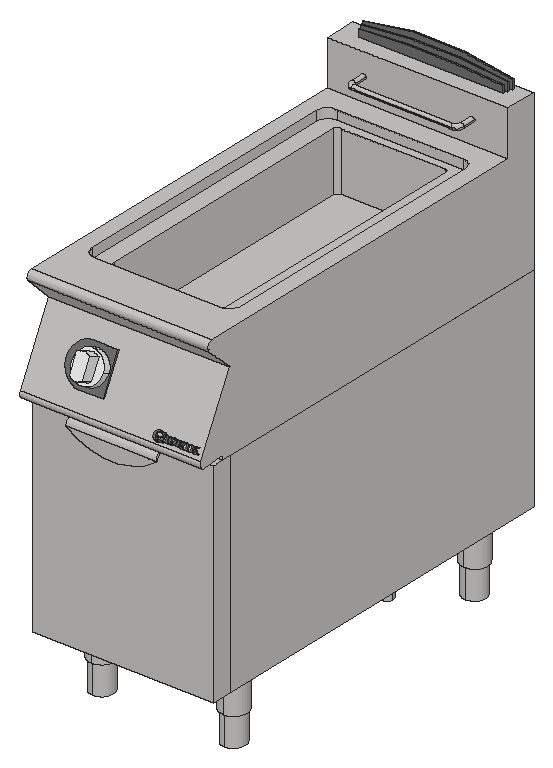
Revit family "QF_GIORIK_FG9421P", category Specialty Equipment, Revit 2014
Parameters (values of type "FG9421P")
  Weight in Pounds = 171.9604
  Watts = 100 W
  Volts = 230 V
  URL Cutsheet = "www.giorik.com"
  URL = "www.giorik.com"
  Status [instance] = ""
  Specification by User [instance] = ""
  Specification by Manufacturer = ""
  Show Logo [instance] = yes
  Show Clearance [instance] = yes
  Serial Number = ""
  Seismic Rating = ""
  SMACNA No = ""
  Revision Code [instance] = ""
  Phase = 1
  Number of Poles [instance] = 1
  NAFEM Spec ID Number = ""
  Model = "FG9421P"
  Min Ckt Ampacity = 0 A
  Mechanical Remarks [instance] = "Natural Gas"
  Mechanical Connection Type [instance] = ""
  Max Overcurrent Protection = 0 A
  Masterspec = ""
  Manufacturer = "GIORIK"
  Item Number [instance] = ""
  Installed By [instance] = ""
  Identify Quantity as Lot [instance] = no
  HP = "0.134102000000"
  Gas Size = 1"
  Gas RI Height [instance] = 0 mm
  Gas KW = 20
  Gas Input = 20000 W
  Gas Connection Height [instance] = 150 mm
  Furnished By [instance] = ""
  Foodservice Equipment Identifier [instance] = yes
  FL Amps = 0 A
  Electrical Remarks [instance] = ""
  Electric Connection Type [instance] = ""
  Elec Conn RI Height [instance] = 0 mm
  Elec Conn Connection Height [instance] = 150 mm
  Description = "21 LITRE GAS FRYER."
  Cycle = 50 Hz
  Conn Plug = ""
  Conn Conduit [instance] = no
  CSI MasterFormat = ""
  Assembly Code = "E1090320"
  Apparent Power = 100 VA
Reference planes
  plane 1 "Back": y = 0
  plane 2: z = 0
  plane 3 "Left": x = 0
  plane 4 "Right": x = 400
  plane 5 "Front": y = -920
  plane 6 "Top": z = 900
Forms (mm)
  Extrusion 1, solid, visible <- "Show Logo"
    sketch origin (196.604, -936.761, 609.486) x (-1, 0, 0) y (0, 0.452718, 0.891654)
      loop
        line (-118.824, 58.358) -> (-127.804, 58.358) -> (-125.523, 56.445) -> (-125.523, 48.027) -> (-127.804, 46.113) -> (-118.824, 46.113) -> (-121.105, 48.027) -> (-121.105, 56.445) -> (-118.824, 58.358)
      loop
        line (-163.721, 58.358) -> (-172.7, 58.358) -> (-170.42, 56.445) -> (-170.42, 48.027) -> (-172.7, 46.113) -> (-163.721, 46.113) -> (-166.001, 48.027) -> (-166.001, 56.445) -> (-163.721, 58.358)
      loop
        line (-174.332, 58.358) -> (-183.312, 58.358) -> (-181.031, 56.445) -> (-181.031, 52.435) -> (-186.419, 56.955) -> (-184.416, 58.358) -> (-191.268, 58.358) -> (-188.01, 56.839) -> (-185.455, 54.283) -> (-190.846, 47.858) -> (-193.396, 46.93) -> (-193.396, 46.113) -> (-184.416, 46.113) -> (-185.437, 47.571) -> (-182.443, 51.552) -> (-181.031, 50.894) -> (-181.031, 48.027) -> (-183.312, 46.113) -> (-174.332, 46.113) -> (-176.613, 48.027) -> (-176.613, 56.445) -> (-174.332, 58.358)
      loop
        line (-115.429, 62.063) -> (-115.429, 54.198)
        arc (-115.429, 54.198) -> (-111.618, 57.803) -> (-106.847, 59.986) r 16.039
        arc (-106.847, 59.986) -> (-103.314, 59.837) -> (-100.512, 57.68) r 5.851
        arc (-100.512, 57.68) -> (-98.815, 52.267) -> (-100.512, 46.853) r 9.479
        arc (-100.512, 46.853) -> (-102.406, 44.986) -> (-104.846, 43.93) r 7.236
        arc (-104.846, 43.93) -> (-107.728, 44.111) -> (-110.052, 45.825) r 5.11
        line (-110.052, 45.825) -> (-110.052, 52.001) -> (-116.141, 52.001) -> (-116.141, 45.503) -> (-117.893, 43.751) -> (-114.094, 44.769)
        arc (-114.094, 44.769) -> (-112.56, 44.947) -> (-111.129, 44.366) r 3.115
        arc (-111.129, 44.366) -> (-104.216, 42.091) -> (-97.303, 44.366) r 11.641
        arc (-97.303, 44.366) -> (-93.396, 52.107) -> (-97.303, 59.849) r 9.622
        arc (-97.303, 59.849) -> (-104.369, 62.174) -> (-111.435, 59.849) r 11.898
        line (-111.435, 59.849) -> (-115.429, 62.063)
      loop
        arc (-129.234, 56.068) -> (-135.893, 58.628) -> (-142.552, 56.068) r 9.941
        arc (-142.552, 56.068) -> (-144.234, 52.286) -> (-142.552, 48.505) r 5.093
        arc (-142.552, 48.505) -> (-135.893, 45.945) -> (-129.234, 48.505) r 9.941
        arc (-129.234, 48.505) -> (-127.552, 52.286) -> (-129.234, 56.068) r 5.093
      loop
        arc (-132.628, 54.403) -> (-135.893, 57.668) -> (-139.158, 54.403) r 3.265
        line (-139.158, 54.403) -> (-139.158, 50.169)
        arc (-139.158, 50.169) -> (-135.893, 46.904) -> (-132.628, 50.169) r 3.265
        line (-132.628, 50.169) -> (-132.628, 54.403)
      loop
        arc (-156.363, 58.365) -> (-159.647, 55.081) -> (-156.363, 51.796) r 3.285
        line (-156.363, 51.796) -> (-159.529, 47.306) -> (-162.087, 46.113) -> (-155.847, 46.113) -> (-153.529, 51.083) -> (-150.637, 51.083) -> (-150.637, 47.784) -> (-153.022, 46.113) -> (-144.011, 46.113) -> (-146.094, 47.68) -> (-146.094, 56.493) -> (-144.229, 58.365) -> (-156.363, 58.365)
      loop
        line (-150.637, 57.512) -> (-153.637, 57.512)
        arc (-153.637, 57.512) -> (-156.237, 54.912) -> (-153.637, 52.312) r 2.6
        line (-153.637, 52.312) -> (-150.637, 52.312) -> (-150.637, 57.512)
      loop
        line (-108.924, 52.001) -> (-104.936, 49.005) -> (-100.948, 52.001) -> (-108.924, 52.001)
    from 1.5 to -0.5
  Extrusion 2, solid
    sketch origin (-16, 1025.81, 0) x (1, 0, 0) y (0, 1, 0)
      loop
        line (25, -1086.81) -> (25, -1156.81) -> (115, -1156.81) -> (115, -1086.81) -> (25, -1086.81)
    from 148 to 150
  Extrusion 3, solid
    sketch origin (-14, 0, 130) x (1, 0, 0) y (0, 1, 0)
      loop
        circle (54, -385) r 12.5
    from 0 to 20
  Extrusion 4, solid
    sketch origin (0, 800, -20) x (0, 1, 0) y (0, 0, 1)
      loop
        line (-800, 989.988) -> (-870, 989.988) -> (-870, 889.988) -> (-1688.806, 889.988)
        arc (-1688.806, 889.988) -> (-1699.151, 883.075) -> (-1696.724, 870.873) r 11.197
        line (-1696.724, 870.873) -> (-1640.876, 815.025) -> (-1718.948, 661.258)
        arc (-1718.948, 661.258) -> (-1718.233, 650.105) -> (-1708.118, 645.354) r 10.981
        line (-1708.118, 645.354) -> (-1660, 649.925) -> (-1660, 640) -> (-800, 640) -> (-800, 989.988)
    from 0 to 400
  Extrusion 5, solid
    sketch origin (0, -200, 599.536) x (1, 0, 0) y (0, 1, 0)
      loop
        line (0, -640) -> (40, -640) -> (40, 160) -> (360, 160) -> (360, -640) -> (400, -640) -> (400, 200) -> (0, 200) -> (0, -640)
    from -449.536 to 20.464
  Extrusion 6, solid
    sketch origin (0, -200, 0) x (1, 0, 0) y (0, 1, 0)
      loop
        line (40, 160) -> (40, -640) -> (360, -640) -> (360, 160) -> (40, 160)
    from 150 to 190
  Extrusion 7, solid
    sketch origin (-16, 360.81, 0) x (1, 0, 0) y (0, 1, 0)
      loop
        line (25, -1086.81) -> (25, -1156.81) -> (115, -1156.81) -> (115, -1086.81) -> (25, -1086.81)
    from 148 to 150
  Revolve 8, solid
    sketch origin (54, 360.81, 0) x (0, 1, 0) y (0, 0, 1)
      loop
        line (-1092.56, 66) -> (-1092.56, 148) -> (-1121.81, 148) -> (-1121.81, 0) -> (-1096.81, 0) -> (-1096.81, 66) -> (-1092.56, 66)
      axis (-1121.81, 0) -> (-1121.81, 148)
    angle from 0 to 360
  Revolve 9, solid
    sketch origin (54, 1025.81, 0) x (0, 1, 0) y (0, 0, 1)
      loop
        line (-1092.56, 66) -> (-1092.56, 148) -> (-1121.81, 148) -> (-1121.81, 0) -> (-1096.81, 0) -> (-1096.81, 66) -> (-1092.56, 66)
      axis (-1121.81, 0) -> (-1121.81, 148)
    angle from 0 to 360
  Extrusion 10, solid
    sketch origin (416, 360.81, 0) x (-1, 0, 0) y (0, -1, 0)
      loop
        line (25, 1086.81) -> (115, 1086.81) -> (115, 1156.81) -> (25, 1156.81) -> (25, 1086.81)
    from 148 to 150
  Revolve 11, solid
    sketch origin (346, 360.81, 0) x (0, 1, 0) y (0, 0, -1)
      loop
        line (-1092.56, -66) -> (-1096.81, -66) -> (-1096.81, 0) -> (-1121.81, 0) -> (-1121.81, -148) -> (-1092.56, -148) -> (-1092.56, -66)
      axis (-1121.81, 0) -> (-1121.81, -148)
    angle from 0 to 360
  Extrusion 12, solid
    sketch origin (416, -1217.81, 0) x (-1, 0, 0) y (0, -1, 0)
      loop
        line (25, -1086.81) -> (25, -1156.81) -> (115, -1156.81) -> (115, -1086.81) -> (25, -1086.81)
    from 148 to 150
  Revolve 13, solid
    sketch origin (346, -1217.81, 0) x (0, -1, 0) y (0, 0, 1)
      loop
        line (-1092.56, 66) -> (-1092.56, 148) -> (-1121.81, 148) -> (-1121.81, 0) -> (-1096.81, 0) -> (-1096.81, 66) -> (-1092.56, 66)
      axis (-1121.81, 0) -> (-1121.81, 148)
    angle from 0 to 360
  Extrusion 14, solid
    sketch origin (-293.221, -1163.345, 52.363) x (1, 0, 0) y (0, 0.452718, 0.891654)
      loop
        line (463.221, 676.25) -> (463.221, 766.25) -> (409.698, 766.25)
        arc (409.698, 766.25) -> (364.698, 721.25) -> (409.698, 676.25) r 45
        line (409.698, 676.25) -> (463.221, 676.25)
    from 48 to 50
  Extrusion 15, solid
    sketch origin (481.331, -1208.697, 74.959) x (-1, 0, 0) y (0, -0.45351, -0.891251)
      loop
        circle (351.331, -721.346) r 35
    from 0 to 15
  Extrusion 16, solid
    sketch origin (481.331, -1208.697, 74.959) x (-1, 0, 0) y (0, -0.45351, -0.891251)
      loop
        arc (336.331, -743.846) -> (351.331, -748.846) -> (366.331, -743.846) r 25
        line (366.331, -743.846) -> (366.331, -698.846)
        arc (366.331, -698.846) -> (351.331, -693.846) -> (336.331, -698.846) r 25
        line (336.331, -698.846) -> (336.331, -743.846)
    from 15 to 40
  Extrusion 17, solid
    sketch origin (-94, 0, 59.999) x (1, 0, 0) y (0, 0, 1)
      loop
        line (135, 909.989) -> (453, 909.989) -> (453, 925.527) -> (347.056, 931.749) -> (240.944, 931.749) -> (135, 925.527) -> (135, 909.989)
    from 32 to 35
  Extrusion 18, solid
    sketch origin (-92, 10, 59.999) x (1, 0, 0) y (0, 0, 1)
      loop
        line (454, 909.989) -> (454, 928.527) -> (346.162, 939.193) -> (237.838, 939.193) -> (130, 928.527) -> (130, 909.989) -> (454, 909.989)
    from 32 to 35
  Extrusion 19, solid
    sketch origin (-90, 20, 59.999) x (1, 0, 0) y (0, 0, 1)
      loop
        line (455, 909.989) -> (455, 930.527) -> (345.396, 947.413) -> (234.604, 947.413) -> (125, 930.527) -> (125, 909.989) -> (455, 909.989)
    from 32 to 35
  Extrusion 20, void
    sketch origin (0, -200, 819.988) x (0, 1, 0) y (-1, 0, 0)
      loop
        arc (80, -60) -> (72.678, -42.322) -> (55, -35) r 25
        line (55, -35) -> (-565.002, -35)
        arc (-565.002, -35) -> (-582.68, -42.322) -> (-590.002, -60) r 25
        line (-590.002, -60) -> (-590.002, -340)
        arc (-590.002, -340) -> (-582.68, -357.678) -> (-565.002, -365) r 25
        line (-565.002, -365) -> (55, -365)
        arc (55, -365) -> (72.678, -357.678) -> (80, -340) r 25
        line (80, -340) -> (80, -60)
    from -100 to 50
  Extrusion 21, solid
    sketch origin (0, -200, 900) x (0, 1, 0) y (-1, 0, 0)
      loop
        arc (80, -60) -> (72.678, -42.322) -> (55, -35) r 25
        line (55, -35) -> (-565.002, -35)
        arc (-565.002, -35) -> (-582.68, -42.322) -> (-590.002, -60) r 25
        line (-590.002, -60) -> (-590.002, -340)
        arc (-590.002, -340) -> (-582.68, -357.678) -> (-565.002, -365) r 25
        line (-565.002, -365) -> (55, -365)
        arc (55, -365) -> (72.678, -357.678) -> (80, -340) r 25
        line (80, -340) -> (80, -60)
      loop
        arc (60, -85.011) -> (57.071, -77.94) -> (50, -75.011) r 10
        line (50, -75.011) -> (-555.002, -75.011)
        arc (-555.002, -75.011) -> (-562.073, -77.94) -> (-565.002, -85.011) r 10
        line (-565.002, -85.011) -> (-565.002, -315)
        arc (-565.002, -315) -> (-562.073, -322.071) -> (-555.002, -325) r 10
        line (-555.002, -325) -> (50, -325)
        arc (50, -325) -> (57.071, -322.071) -> (60, -315) r 10
        line (60, -315) -> (60, -85.011)
    from -180.012 to -50
  Extrusion 22, solid
    sketch origin (0, -925, 0) x (1, 0, 0) y (0, 0, 1)
      loop
        line (0, 620) -> (0, 150) -> (400, 150) -> (400, 620) -> (0, 620)
    from -85 to -40
  Extrusion 23, solid
    sketch origin (0, -925, -20.1) x (0, 1, 0) y (0, 0, 1)
      loop
        arc (25, 640.1) -> (14.393, 635.707) -> (10, 625.1) r 15
        line (10, 625.1) -> (12, 625.1)
        arc (12, 625.1) -> (15.808, 634.292) -> (25, 638.1) r 13
        line (25, 638.1) -> (40, 638.1) -> (40, 640.1) -> (25, 640.1)
    from 97.5 to 297.5
  Extrusion 24, solid
    sketch origin (0, -924.905, -20.1) x (1, 0, 0) y (0, 0, 1)
      loop
        arc (97.5, 625.1) -> (197.5, 590.089) -> (297.5, 625.1) r 160.316
        line (297.5, 625.1) -> (97.5, 625.1)
    from -11.905 to -9.905
  Extrusion 25, solid, visible <- "Show Clearance", detail levels coarse
    sketch origin (395, -925, 0) x (-1, 0, 0) y (0, -1, 0)
      loop
        line (-5, -40) -> (395, -40)
        arc (395, -40) -> (277.534, 241.069) -> (-5, 354.968) r 395
        line (-5, 354.968) -> (-5, -40)
    from 150 to 620
  Extrusion 26, solid
    sketch origin (0, 0, 100) x (0, 1, 0) y (-1, 0, 0)
      loop
        circle (-380, -380) r 12.5
    from 30 to 50
  Sweep 27, solid
    path origin (0, 0, 919.988) x (0, 1, 0) y (-1, 0, 0)
      loop
        line (-70, -80) -> (-100, -80)
        arc (-100, -80) -> (-107.071, -82.929) -> (-110, -90) r 10
        line (-110, -90) -> (-110, -310)
        arc (-110, -310) -> (-107.071, -317.071) -> (-100, -320) r 10
        line (-100, -320) -> (-70, -320)
    profile origin (80, -85, 919.988) x (1, 0, 0) y (0, 0, 1)
      loop
        circle (0, 0) r 5
Cuts and joins
  Extrusion 20 cuts Extrusion 4
Lines and regions (mm)
  symbolic lines, style "200-EquipBorder-2D"
    curve 1: line (0, -920, 0) -> (400, -920, 0)
    curve 2: line (400, -920, 0) -> (400, 0, 0)
    curve 3: line (400, 0, 0) -> (0, 0, 0)
    curve 4: line (0, 0, 0) -> (0, -920, 0)
  symbolic lines, style "200-EquipInternal-2D"
    curve 5: line (35, -12, 900) -> (365, -12, 900)
    curve 6: line (365, -12, 900) -> (365, -15, 900)
    curve 7: line (365, -15, 900) -> (35, -15, 900)
    curve 8: line (35, -15, 900) -> (35, -12, 900)
    curve 9: line (38, -22, 900) -> (362, -22, 900)
    curve 10: line (362, -22, 900) -> (362, -25, 900)
    curve 11: line (362, -25, 900) -> (38, -25, 900)
    curve 12: line (38, -25, 900) -> (38, -22, 900)
    curve 13: line (41, -32, 900) -> (359, -32, 900)
    curve 14: line (359, -32, 900) -> (359, -35, 900)
    curve 15: line (359, -35, 900) -> (41, -35, 900)
    curve 16: line (41, -35, 900) -> (41, -32, 900)
    curve 17: line (340, -120, 900) -> (60, -120, 900)
    curve 18: arc (60, -120, 900) -> (42.322, -127.322, 900) -> (35, -145, 900) r 25
    curve 19: line (35, -145, 900) -> (35, -765, 900)
    curve 20: arc (365, -145, 900) -> (357.678, -127.322, 900) -> (340, -120, 900) r 25
    curve 21: arc (340, -790, 900) -> (356.212, -784.031, 900) -> (364.682, -768.975, 900) r 25
    curve 22: line (60, -790, 900) -> (340, -790, 900)
    curve 23: arc (35, -765, 900) -> (42.322, -782.678, 900) -> (60, -790, 900) r 25
    curve 24: line (365, -765.002, 900) -> (365, -145, 900)
    curve 27: line (85, -140, 900) -> (315, -140, 900)
    curve 28: line (325, -150, 900) -> (325, -755.002, 900)
    curve 29: line (75, -755.002, 900) -> (75, -150, 900)
    curve 30: line (315, -765.002, 900) -> (85, -765.002, 900)
    curve 31: arc (85, -140, 900) -> (77.929, -142.929, 900) -> (75, -150, 900) r 10
    curve 32: arc (315, -140, 900) -> (322.071, -142.929, 900) -> (325, -150, 900) r 10
    curve 33: arc (75, -755.002, 900) -> (77.929, -762.073, 900) -> (85, -765.002, 900) r 10
    curve 34: arc (315, -765.002, 900) -> (322.071, -762.073, 900) -> (325, -755.002, 900) r 10
    curve 35: line (80, -70, 900) -> (80, -99.667, 900)
    curve 36: line (90, -100, 900) -> (90, -70, 900)
    curve 37: line (94.989, -104.989, 900) -> (315.27, -104.989, 900)
    curve 38: line (320.032, -100.227, 900) -> (320.032, -70, 900)
    curve 39: line (330.032, -70, 900) -> (330.032, -100.301, 900)
    curve 40: line (315.333, -115, 900) -> (95.333, -115, 900)
    curve 41: arc (95.333, -115, 900) -> (84.491, -110.509, 900) -> (80, -99.667, 900) r 15.333
    curve 42: arc (90, -100, 900) -> (91.461, -103.528, 900) -> (94.989, -104.989, 900) r 4.989
    curve 43: arc (315.333, -115, 900) -> (325.727, -110.695, 900) -> (330.032, -100.301, 900) r 14.699
    curve 44: arc (320.032, -100.227, 900) -> (318.637, -103.594, 900) -> (315.27, -104.989, 900) r 4.762
    curve 45: line (0, -70, 900) -> (400, -70, 900)
  symbolic lines, style "QF_Door-Drawer Clearances", visible <- "Show Clearance", detail levels coarse
    curve 25: arc (400, -1279.968, 0) -> (130.204, -1178.101, 0) -> (1.554, -920, 0) r 395
    curve 26: line (400, -920, 0) -> (400, -1279.968, 0)
Dimensions and locks
  plane 3 "Left" to plane 4 "Right" = 400 mm
  plane 5 "Front" to plane 1 "Back" = 920 mm
  plane 4 "Right" to plane 3 "Left" = 400 mm
  plane 1 "Back" to plane 5 "Front" = 920 mm
  plane 6 "Top" to level = 900 mm  (x2)
  aligned and locked: level to plane 2
Connectors
  electrical at (380, -380, 130), driven by "Apparent Power", driven by "Volts", driven by "Number of Poles"
    settings: on Extrusion 26, index 1, voltage 230 V, apparent load 0 VA, apparent load phase1 100 VA, apparent load phase2 0 VA, apparent load phase3 0 VA, power factor 1, load classification "Other", number of poles 1, system type 31, power factor state 1, is connector primary yes, connector utility no, sub classification motor no, connector description "Electrical connection"
  piping at (40, -385, 130), diameter 25.4, driven by "Gas Size"
    settings: on Extrusion 3, index 2, connector inside diameter 24", connector length 0 mm, flow factor 0, pipe flow 0.0 L/s, pressure drop 0.0 Pa, fitting loss kfactor 0, connector angle 0.00°, fixture units 0, engagement length 0 mm, angle of deflection 0.00°, flow configuration 1, flow direction 1, fitting loss method 0, system type 22, joint type 0, gender type 0, connector reference index -1, connector utility 0, adjustable connector no, is connector primary yes, connector description "Gas inlet"
